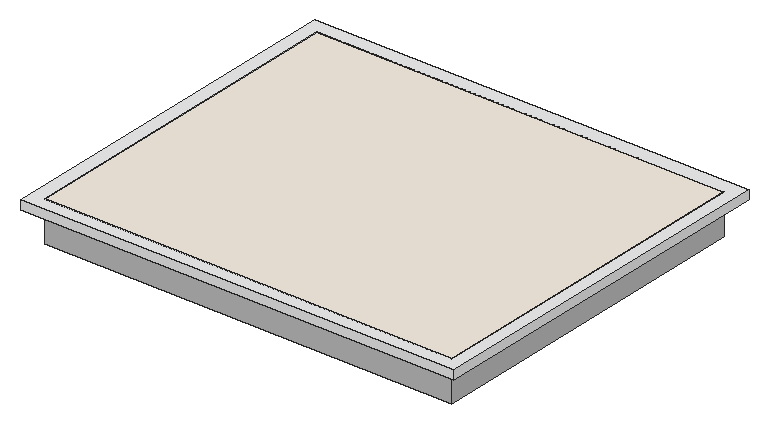
Revit family "Lighting-Industrial-GEWISS-ELIA-HL-LED_HIGHBAY", category Apparecchi per illuminazione, host Superficie, Revit 2019 (continued)
Types (12, lengths in mm): name | Weight (kg): | Weight (kg) | Voltage | Technical sheet | System power | Optic | built-in parameter 1150142 | Lumen output (lm) | Model | IDT | File diagramma fotometrico | Description
     7530.64 \r\n7322.77 7109.83 6898.58 6698.31 6504.81 6320.60 6143.15 \r\n5968.23 5795.85 5622.63 5451.09 5282.94 5119.01 4960.99 \r\n4808.89 4659.33 4513.99 4372.03 4232.60 4094.87 3959.67 \r\n3827.85 3699.41 3574.35 3452.67 3330.99 3211.00 3095.23 \r\n2981.16 2869.62 2761.46 2653.30 2550.21 2453.88 2361.77 \r\n2275.59 2193.62 2113.34 2036.45 1962.09 1891.11 1821.82 \r\n1755.06 1691.35 1629.24 1568.83 1510.01 1452.13 1395.69 \r\n1341.01 1288.20 1236.91 1187.56 1140.50 1095.29 1051.94 \r\n1010.03 968.88 929.75 894.18 860.89 829.11 798.44 767.77 \r\n738.11 710.14 683.44 657.58 632.57 607.89 583.98 560.32 \r\n538.26 518.83 501.42 486.89 472.27 453.93 435.17 418.87 \r\n402.90 385.49 368.76 354.82 341.80 328.20 315.02 302.51 \r\n290.26 277.50 264.99 252.91 242.35 235.92 230.01 221.47 \r\n212.35 204.83 196.38 183.96 170.86 159.50 148.38 136.70 \r\n124.56 111.76 98.47 84.50 70.78 58.21 46.68 36.33 27.25 \r\n19.49 13.18 8.57 5.38 3.41 2.74 \r\n12448.54 12446.85 12441.78 12435.02 12424.88 12411.36 \r\n12396.15 12380.09 12359.81 12337.00 12310.81 12282.07 \r\n12250.81 12216.16 12180.67 12142.65 12102.93 12062.37 \r\n12019.28 11974.49 11929.71 11881.54 11832.53 11779.30 \r\n11723.53 11666.91 11606.92 11545.23 11480.17 11410.88 \r\n11339.06 11265.54 11190.33 11112.59 11031.47 10949.51 \r\n10865.85 10781.35 10694.32 10607.28 10517.72 10425.61 \r\n10330.13 10232.10 10129.01 10021.70 9908.47 9788.48 \r\n9664.26 9534.13 9400.63 9264.58 9124.31 8978.97 8826.87 \r\n8667.16 8497.32 8317.33 8129.74 7936.24 7735.13 7530.64 \r\n7323.61 7109.83 6898.58 6697.47 6503.97 6318.91 6139.77 \r\n5964.01 5791.63 5617.56 5446.02 5277.02 5112.25 4955.08 \r\n4802.98 4654.26 4509.77 4368.65 4230.91 4093.18 3958.82 \r\n3827.85 3700.25 3575.19 3451.82 3329.30 3210.15 3091.85 \r\n2976.93 2864.55 2755.55 2646.54 2540.91 2443.74 2352.48 \r\n2266.29 2184.32 2104.05 2028.00 1954.48 1882.66 1814.21 \r\n1748.30 1684.34 1622.57 1562.15 1503.17 1445.03 1388.59 \r\n1334.51 1282.29 1231.67 1182.83 1135.93 1090.81 1047.63 \r\n1005.89 964.82 925.70 890.38 857.25 825.73 795.23 764.64 \r\n735.07 707.26 680.56 654.71 629.44 605.10 581.28 557.53 \r\n535.39 516.55 499.73 485.20 470.50 451.99 433.40 417.68 \r\n402.30 384.56 367.41 353.38 340.45 326.93 313.83 301.41 \r\n289.16 276.31 263.72 251.56 241.16 235.16 229.67 220.71 \r\n211.17 203.90 195.62 183.28 170.01 158.76 147.77 136.30 \r\n124.35 111.63 98.37 84.36 70.61 58.09 46.60 36.25 27.15 \r\n19.38 13.10 8.52 5.36 3.41 2.74 \r\n12448.54 12446.85 12441.78 12435.02 12424.88 12411.36 \r\n12397.84 12380.09 12359.81 12337.00 12311.65 12282.92 \r\n12250.81 12217.01 12181.52 12142.65 12102.93 12062.37 \r\n12019.28 11975.34 11929.71 11882.39 11832.53 11780.99 \r\n11725.22 11668.60 11608.61 11546.92 11482.70 11412.57 \r\n11341.59 11267.23 11192.02 11113.44 11032.32 10950.35 \r\n10867.54 10782.20 10696.01 10608.97 10519.41 10427.30 \r\n10331.81 10233.79 10130.70 10023.39 9911.00 9791.86 \r\n9666.80 9536.67 9403.16 9266.27 9126.00 8979.82 8827.72 \r\n8666.32 8496.47 8318.18 8130.59 7936.24 7735.97 7532.33 \r\n7324.46 7110.67 6898.58 6696.62 6502.27 6316.37 6135.55 \r\n5960.63 5787.40 5613.33 5440.95 5271.95 5106.33 4949.16 \r\n4797.06 4650.03 4506.38 4365.27 4227.53 4091.49 3957.98 \r\n3828.69 3700.25 3575.19 3450.98 3330.14 3208.46 3090.16 \r\n2972.71 2861.17 2750.47 2639.78 2533.31 2434.45 2343.18 \r\n2256.99 2175.03 2095.60 2020.39 1946.03 1875.05 1806.61 \r\n1741.54 1677.58 1616.15 1555.81 1496.66 1438.36 1381.83 \r\n1328.26 1276.71 1226.77 1178.44 1131.62 1086.59 1043.57 \r\n1002.09 960.93 921.98 886.83 854.04 822.52 792.10 761.68 \r\n732.11 704.48 677.94 651.92 626.74 602.32 578.74 554.91 \r\n532.86 514.44 498.04 483.51 468.72 450.30 431.63 416.58 \r\n401.71 383.63 365.97 352.03 339.18 325.83 312.65 300.40 \r\n288.06 275.22 262.71 250.46 240.06 234.57 229.33 220.04 \r\n210.07 202.88 194.94 182.52 169.34 158.13 147.26 135.98 \r\n124.21 111.57 98.34 84.30 70.50 58.01 46.58 36.20 27.06 \r\n19.30 13.02 8.47 5.35 3.41 2.73 \r\n12448.54 12446.85 12441.78 12435.02 12424.88 12412.20 \r\n12397.84 12380.09 12359.81 12337.84 12311.65 12282.92 \r\n12251.65 12217.01 12181.52 12142.65 12103.78 12062.37 \r\n12019.28 11975.34 11929.71 11883.23 11834.22 11781.83 \r\n11726.91 11670.29 11611.14 11549.46 11483.55 11414.26 \r\n11342.43 11268.92 11192.87 11114.28 11034.01 10952.04 \r\n10868.39 10783.04 10696.85 10610.66 10521.09 10428.99 \r\n10333.50 10235.48 10132.39 10025.08 9912.69 9794.39 \r\n9669.33 9538.36 9404.85 9267.96 9127.69 8980.66 8827.72 \r\n8665.47 8495.63 8317.33 8130.59 7936.24 7735.13 7532.33 \r\n7324.46 7110.67 6898.58 6695.78 6501.43 6314.68 6133.01 \r\n5958.09 5784.02 5609.11 5436.73 5266.88 5102.11 4944.94 \r\n4792.84 4645.81 4503.85 4362.73 4225.85 4090.64 3957.98 \r\n3828.69 3701.10 3576.04 3451.82 3329.30 3207.62 3087.63 \r\n2970.17 2856.95 2745.40 2633.86 2525.70 2426.84 2334.73 \r\n2248.55 2167.42 2088.84 2012.79 1939.27 1867.45 1799.85 \r\n1734.78 1671.49 1610.40 1549.90 1490.66 1432.19 1375.66 \r\n1322.51 1271.64 1222.21 1174.30 1127.74 1082.87 1040.03 \r\n998.54 957.55 918.51 883.62 851.00 819.73 789.40 758.98 \r\n729.49 701.94 675.49 649.47 624.20 599.87 576.37 552.63 \r\n530.58 512.58 496.61 482.16 467.20 448.69 430.10 415.57 \r\n401.12 382.87 364.79 350.76 338.08 324.73 311.64 299.47 \r\n287.22 274.29 261.61 249.44 239.22 233.98 229.16 219.45 \r\n209.05 202.04 194.27 182.01 168.75 157.63 146.85 135.73 \r\n124.13 111.57 98.37 84.29 70.45 57.99 46.57 36.17 26.98 \r\n19.22 12.95 8.43 5.34 3.41 2.73 \r\n12448.54 12446.85 12442.62 12435.02 12424.88 12412.20 \r\n12397.84 12380.94 12360.66 12337.84 12311.65 12282.92 \r\n12251.65 12217.01 12181.52 12142.65 12103.78 12061.53 \r\n12019.28 11975.34 11930.56 11883.23 11835.07 11782.68 \r\n11728.60 11671.14 11611.99 11550.31 11486.08 11416.79 \r\n11344.12 11269.76 11193.72 11115.13 11034.01 10952.89 \r\n10869.23 10784.73 10697.70 10610.66 10521.94 10428.99 \r\n10334.35 10235.48 10133.24 10026.77 9914.38 9795.24 \r\n9671.02 9540.05 9404.85 9268.81 9127.69 8980.66 8827.72 \r\n8664.63 8493.94 8315.64 8129.74 7936.24 7735.97 7532.33 \r\n7324.46 7110.67 6898.58 6695.78 6499.74 6312.99 6130.47 \r\n5954.72 5781.49 5606.57 5433.35 5262.66 5097.88 4940.72 \r\n4790.30 4643.27 4501.31 4361.05 4225.00 4089.80 3957.98 \r\n3829.54 3701.94 3576.04 3451.82 3328.45 3208.46 3086.78 \r\n2967.64 2853.56 2742.02 2628.80 2519.79 2420.08 2327.13 \r\n2242.63 2161.51 2082.08 2006.87 1932.51 1861.53 1793.93 \r\n1728.87 1666.26 1605.33 1544.83 1485.43 1426.78 1370.34 \r\n1317.61 1267.25 1218.24 1170.83 1124.36 1079.57 1036.90 \r\n995.66 954.68 915.73 880.91 848.46 817.28 786.95 756.70 \r\n727.29 699.83 673.46 647.35 622.00 597.84 574.43 550.69 \r\n528.72 511.06 495.42 480.89 465.93 447.26 428.75 414.73 \r\n400.78 382.19 363.77 349.75 337.15 323.89 310.96 298.54 \r\n286.45 273.53 260.77 248.60 238.37 233.56 229.00 219.02 \r\n208.38 201.36 193.84 181.51 168.31 157.25 146.57 135.59 \r\n124.11 111.62 98.45 84.33 70.45 58.00 46.60 36.16 26.94 \r\n19.16 12.90 8.40 5.33 3.41 2.73 \r\n12448.54 12446.85 12443.47 12435.02 12424.88 12413.05 \r\n12397.84 12380.94 12360.66 12337.00 12311.65 12282.92 \r\n12250.81 12217.01 12181.52 12142.65 12103.78 12061.53 \r\n12019.28 11975.34 11929.71 11884.08 11835.07 11782.68 \r\n11728.60 11672.83 11613.68 11551.15 11486.93 11417.64 \r\n11344.97 11270.61 11194.56 11115.13 11034.01 10952.89 \r\n10870.08 10783.89 10697.70 10611.51 10523.63 10430.68 \r\n10334.35 10236.33 10133.24 10026.77 9915.23 9796.93 \r\n9671.87 9540.05 9406.54 9269.65 9127.69 8980.66 8826.87 \r\n8664.63 8492.25 8314.80 8130.59 7934.55 7735.13 7532.33 \r\n7324.46 7109.83 6898.58 6695.78 6499.74 6312.15 6129.63 \r\n5953.87 5779.80 5604.04 5431.66 5260.97 5095.35 4938.18 \r\n4787.77 4640.74 4498.78 4360.20 4223.31 4089.80 3957.98 \r\n3829.54 3702.79 3577.73 3452.67 3329.30 3207.62 3085.94 \r\n2965.95 2851.03 2739.49 2624.57 2514.72 2415.01 2322.06 \r\n2237.56 2156.44 2077.01 2002.65 1928.29 1857.31 1789.71 \r\n1723.80 1662.11 1601.44 1540.94 1481.29 1422.47 1366.03 \r\n1313.64 1263.78 1215.28 1168.13 1121.82 1077.04 1034.45 \r\n993.38 952.31 913.44 878.80 846.52 815.42 785.17 754.92 \r\n725.52 698.14 671.94 645.75 620.23 596.23 572.91 549.25 \r\n527.28 509.87 494.49 479.96 464.92 446.16 427.74 414.05 \r\n400.36 381.60 363.01 348.98 336.48 323.30 310.28 297.95 \r\n285.78 272.77 260.09 247.92 237.78 233.22 229.00 218.69 \r\n207.70 200.94 193.50 181.17 168.02 157.02 146.40 135.52 \r\n124.15 111.71 98.56 84.42 70.49 58.05 46.66 36.17 26.90 \r\n19.11 12.86 8.38 5.33 3.41 2.73 \r\n" | "16900" | "GWF1001MH840" | "86e84a4c-b4b3-4c1c-8387-ae9e1c4006e9" | "GWF1001MH840.IES" | "ELIA HL M2 60° 4000K S.ALONE DALI"
